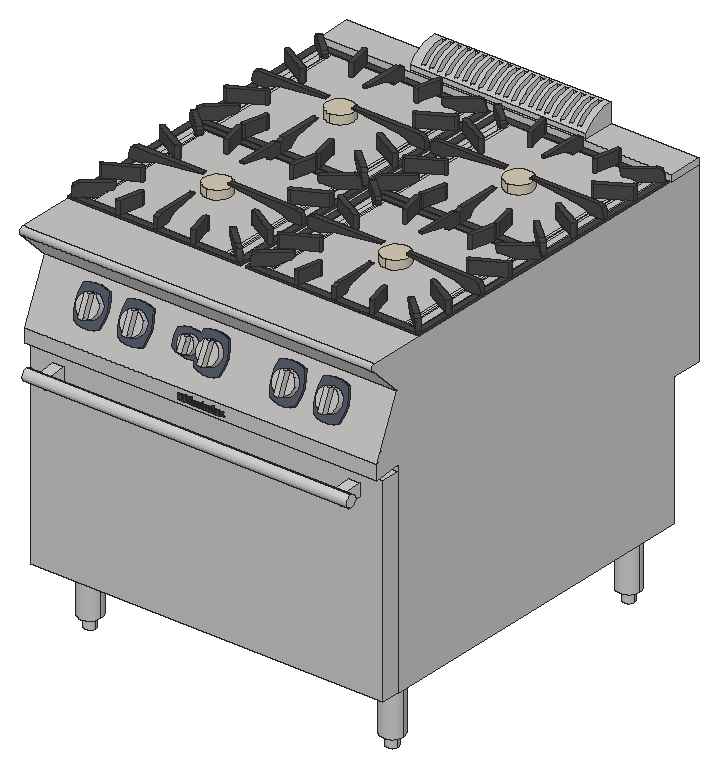
Revit family "QF_ELECTROLUXPROFESSIONAL_391522_E9AALABBMEE", category Attrezzature speciali, Revit 2018 (continued)
Automatic sketch dimensions
  Extrusion 12 sketch curve to Extrusion 12 sketch curve = 3.062 mm
  Extrusion 12 sketch curve to Extrusion 12 sketch curve = 2.968 mm
  Extrusion 12 sketch curve to Extrusion 12 sketch curve = 5.044 mm
  Extrusion 12 sketch curve to Extrusion 12 sketch curve = 0.629 mm  (x2)
  Extrusion 12 sketch curve to Extrusion 12 sketch curve = 1.131 mm
  Extrusion 12 sketch curve to Extrusion 12 sketch curve = 0.137 mm
  Extrusion 12 sketch curve to Extrusion 12 sketch curve = 0.027 mm
  Extrusion 12 sketch curve to Extrusion 12 sketch curve = 2.235 mm
  Extrusion 13 sketch curve to Extrusion 1 = 0 mm
  Extrusion 1 to Extrusion 13 sketch curve = 9.61 mm
  Extrusion 13 sketch curve to Extrusion 1 = 0.775 mm
  Extrusion 1 to Extrusion 13 sketch curve = 0.1 mm
  Extrusion 15 sketch curve to plane 12 = 13.597 mm
  Extrusion 15 sketch curve to plane 13 = 298.908 mm
  plane 5 "FRONT" to Extrusion 15 sketch curve = 18.336 mm
  Extrusion 15 sketch curve to Extrusion 15 sketch curve = 3.343 mm
  Extrusion 15 sketch curve to Extrusion 15 sketch curve = 2.066 mm
  Extrusion 15 sketch curve to Extrusion 15 sketch curve = 0 mm  (x2)
  Extrusion 15 sketch curve to Extrusion 15 sketch curve = 1.593 mm
  Extrusion 15 sketch curve to Extrusion 15 sketch curve = 5.756 mm
  Extrusion 15 sketch curve to Extrusion 15 sketch curve = 4.906 mm
  Extrusion 15 sketch curve to Extrusion 15 sketch curve = 5.312 mm
  plane 5 "FRONT" to Extrusion 15 sketch curve = 9.206 mm
  Extrusion 15 sketch curve to Extrusion 15 sketch curve = 11.3 mm
  Extrusion 15 sketch curve to Extrusion 15 sketch curve = 28.009 mm
  Extrusion 15 sketch curve to Extrusion 15 sketch curve = 2.83 mm
  Extrusion 16 sketch curve to plane 12 = 13.597 mm
  Extrusion 16 sketch curve to plane 13 = 298.908 mm
  plane 5 "FRONT" to Extrusion 16 sketch curve = 18.336 mm
  Extrusion 16 sketch curve to Extrusion 16 sketch curve = 3.343 mm
  Extrusion 16 sketch curve to Extrusion 16 sketch curve = 2.066 mm
  Extrusion 16 sketch curve to Extrusion 16 sketch curve = 0 mm  (x2)
  Extrusion 16 sketch curve to Extrusion 16 sketch curve = 1.593 mm
  Extrusion 16 sketch curve to Extrusion 16 sketch curve = 5.756 mm
  Extrusion 16 sketch curve to Extrusion 16 sketch curve = 4.906 mm
  Extrusion 16 sketch curve to Extrusion 16 sketch curve = 5.312 mm
  plane 5 "FRONT" to Extrusion 16 sketch curve = 9.206 mm
  Extrusion 16 sketch curve to Extrusion 16 sketch curve = 11.3 mm
  Extrusion 16 sketch curve to Extrusion 16 sketch curve = 28.009 mm
  Extrusion 16 sketch curve to Extrusion 16 sketch curve = 11.2 mm
  Extrusion 17 sketch curve to Extrusion 13 = 0 mm
  Extrusion 17 sketch curve to Extrusion 13 = 0.003 mm
  Extrusion 13 to Extrusion 17 sketch curve = 0 mm
  plane 5 "FRONT" to Extrusion 19 sketch curve = 0 mm  (x2)
  plane 1 "BACK" to Extrusion 19 sketch curve = 0 mm
  Extrusion 19 sketch curve to plane 3 "LEFT" = 0 mm
  Extrusion 19 sketch curve to plane 4 "RIGHT" = 0 mm
  Extrusion 19 sketch curve to plane 3 "LEFT" = 100.013 mm
  Extrusion 19 sketch curve to Extrusion 19 sketch curve = 100.013 mm
  Extrusion 19 sketch curve to plane 1 "BACK" = 100.013 mm
  plane 4 "RIGHT" to Revolve 3 sketch curve = 56 mm
  Revolve 3 sketch curve to Revolve 3 sketch curve = 0 mm
  plane 4 "RIGHT" to Revolve 4 sketch curve = 56 mm
  Revolve 4 sketch curve to Revolve 4 sketch curve = 0 mm
  Extrusion 9 sketch curve to Extrusion 9 sketch curve = 15.898 mm
  plane 5 "FRONT" to curve 1 = 0 mm
  curve 9 to plane 3 "LEFT" = 0 mm
  plane 5 "FRONT" to curve 20 = 0 mm
  curve 5 to plane 4 "RIGHT" = 0 mm
  curve 1 to plane 3 "LEFT" = 100.013 mm
  plane 5 "FRONT" to curve 13 = 7.706 mm
  plane 14 to curve 13 = 25.075 mm
  plane 14 to curve 20 = 5.2 mm
  curve 22 to plane 14 = 20.2 mm
  curve 17 to plane 18 = 20.2 mm
  plane 18 to curve 23 = 5.2 mm
  plane 5 "FRONT" to curve 15 = 7.706 mm
  curve 15 to curve 15 = 19.875 mm
  plane 4 "RIGHT" to curve 10 = 0.1 mm
  curve 2 to plane 4 "RIGHT" = 100.013 mm
  curve 17 to curve 17 = 23.508 mm
  curve 20 to curve 19 = 15.802 mm
  curve 12 to curve 20 = 9.598 mm
  curve 9 to curve 12 = 387.524 mm
  curve 18 to curve 17 = 7.706 mm
  plane 5 "FRONT" to curve 10 = 0.63 mm
  curve 3 to plane 5 "FRONT" = 0.396 mm
  plane 11 to curve 7 = 4.762 mm
  curve 2 to plane 1 "BACK" = 100.013 mm
  plane 1 "BACK" to curve 24 = 0 mm
  curve 24 to plane 14 = 144 mm
  plane 1 "BACK" to curve 105 = 6.761 mm
  curve 24 to curve 105 = 20.698 mm
  curve 104 to curve 103 = 9.296 mm
  curve 103 to curve 102 = 9.397 mm
  curve 100 to curve 99 = 9.296 mm
  curve 99 to curve 97 = 9.397 mm
  curve 97 to curve 98 = 9.296 mm
  curve 95 to curve 93 = 9.397 mm
  curve 93 to curve 94 = 9.296 mm
  curve 91 to curve 90 = 9.397 mm
  curve 89 to curve 87 = 9.296 mm
  curve 87 to curve 85 = 9.397 mm
  curve 85 to curve 86 = 9.296 mm
  curve 83 to curve 82 = 9.397 mm
  curve 81 to curve 82 = 9.296 mm
  curve 79 to curve 76 = 9.397 mm
  curve 77 to curve 78 = 9.296 mm
  curve 75 to curve 72 = 9.397 mm
  curve 73 to curve 74 = 9.296 mm
  curve 71 to curve 68 = 9.397 mm
  curve 67 to plane 7 "Center Y" = 1.823 mm
  plane 7 "Center Y" to curve 65 = 7.574 mm
  curve 65 to curve 66 = 9.296 mm
  curve 63 to curve 61 = 9.397 mm
  curve 61 to curve 59 = 9.296 mm
  curve 59 to curve 57 = 9.397 mm
  curve 57 to curve 55 = 9.296 mm
  curve 55 to curve 53 = 9.397 mm
  curve 53 to curve 51 = 9.296 mm
  curve 51 to curve 48 = 9.397 mm
  curve 49 to curve 47 = 9.296 mm
  curve 47 to curve 45 = 9.397 mm
  curve 45 to curve 46 = 9.296 mm
  curve 43 to curve 41 = 9.397 mm
  curve 41 to curve 42 = 9.296 mm
  curve 39 to curve 37 = 9.397 mm
  curve 37 to curve 38 = 9.296 mm
  curve 35 to curve 32 = 9.397 mm
  curve 33 to curve 31 = 9.296 mm
  curve 31 to curve 28 = 9.397 mm
  curve 29 to curve 27 = 9.296 mm
  curve 27 to curve 26 = 14.847 mm
  plane 11 to curve 26 = 11.113 mm
  plane 11 to curve 104 = 17.052 mm
  plane 11 to curve 100 = 17.052 mm
  curve 100 to curve 96 = 0 mm
  curve 25 to curve 27 = 5.939 mm
  curve 95 to curve 93 = 0 mm
  curve 31 to curve 28 = 0 mm
  curve 91 to curve 89 = 0 mm
  curve 35 to curve 32 = 0 mm
  curve 87 to curve 85 = 0 mm
  curve 39 to curve 36 = 0 mm
  curve 83 to curve 81 = 0 mm
  curve 43 to curve 40 = 0 mm
  curve 79 to curve 77 = 0 mm
  curve 47 to curve 44 = 0 mm
  curve 75 to curve 73 = 0 mm
  curve 51 to curve 48 = 0 mm
  curve 71 to curve 69 = 0 mm
  curve 55 to curve 52 = 0 mm
  curve 67 to curve 65 = 0 mm
  curve 59 to curve 56 = 0 mm
  plane 1 "BACK" to curve 62 = 6.761 mm
  plane 1 "BACK" to curve 63 = 6.761 mm
  plane 1 "BACK" to curve 58 = 6.761 mm
  plane 1 "BACK" to curve 67 = 6.761 mm
  plane 1 "BACK" to curve 54 = 6.761 mm
  plane 1 "BACK" to curve 50 = 6.761 mm
  plane 1 "BACK" to curve 73 = 6.761 mm
  plane 1 "BACK" to curve 46 = 6.761 mm
  plane 1 "BACK" to curve 77 = 6.761 mm
  plane 1 "BACK" to curve 42 = 6.761 mm
  plane 1 "BACK" to curve 81 = 6.761 mm
  plane 1 "BACK" to curve 83 = 6.761 mm
  plane 1 "BACK" to curve 38 = 6.761 mm
  plane 1 "BACK" to curve 34 = 6.761 mm
  plane 1 "BACK" to curve 89 = 6.761 mm
  plane 1 "BACK" to curve 91 = 6.761 mm
  plane 1 "BACK" to curve 30 = 6.761 mm
  plane 1 "BACK" to curve 95 = 6.761 mm
  plane 1 "BACK" to curve 101 = 6.761 mm
  radius of Extrusion 10 sketch curve = 25.4 mm  (x5)
  radius of Extrusion 10 sketch curve = 19.05 mm
  radius of Extrusion 11 sketch curve to Extrusion 10 = 0 mm  (x6)
  radius of Extrusion 14 sketch curve to Extrusion 16 = 0 mm
  radius of Extrusion 18 sketch curve = 6.4 mm  (x2)
Nested families
  nested 1: "371009_BURNER" at (393.7, -440.488, 0) x (-1, 0, 0) z (0, 0, 1), type "371009_BURNER"
    with Type Mark "", Status "", Specification by User "", Revision Code "", Item Number "", Installed By "", Identify Quantity as Lot yes, Furnished By "", Foodservice Equipment Identifier yes
  nested 2: "371009_BURNER" at (393.7, -440.488, 0) x (-1, 0, 0) z (0, 0, 1), type "371009_BURNER"
    with Type Mark "", Status "", Specification by User "", Revision Code "", Item Number "", Installed By "", Identify Quantity as Lot yes, Furnished By "", Foodservice Equipment Identifier yes
  nested 3: "371009_BURNER" at (406.4, -440.488, 0), type "371009_BURNER"
    with Type Mark "", Status "", Specification by User "", Revision Code "", Item Number "", Installed By "", Identify Quantity as Lot yes, Furnished By "", Foodservice Equipment Identifier yes
  nested 4: "371009_BURNER" at (406.4, -440.488, 0), type "371009_BURNER"
    with Type Mark "", Status "", Specification by User "", Revision Code "", Item Number "", Installed By "", Identify Quantity as Lot yes, Furnished By "", Foodservice Equipment Identifier yes
Connectors
  piping at (749.3, -665.163, 128.587), diameter 12.8
    settings: on Extrusion 18, index 1, connector inside diameter 0.50394", connector length 0 mm, flow factor 0, pipe flow 0 GPM, pressure drop 0.00 psi, fitting loss kfactor 0, connector angle 0.00°, fixture units 0, engagement length 0 mm, angle of deflection 0.00°, flow configuration 1, flow direction 1, fitting loss method 0, system type 7, joint type 0, gender type 0, connector reference index -1, connector utility 0, adjustable connector no, is connector primary yes, connector description "GAS CONNECTION"
Definition of nested family "371009_BURNER"
  Parameters
    Weight in Pounds = 0
    URL Cutsheet = ""
    URL = "www.electrolux.com"
    Type Mark [instance] = ""
    Status [instance] = ""
    Specification by User [instance] = ""
    Specification by Manufacturer = ""
    Show Clearance [instance] = yes
    Serial Number = ""
    Seismic Rating = ""
    SMACNA No = ""
    Revision Code [instance] = ""
    Omniclass Number and Title = ""
    NAFEM Spec ID Number = ""
    Model = "371009"
    Masterspec = ""
    Manufacturer = "ELECTROLUX"
    Item Number [instance] = ""
    Installed By [instance] = ""
    Identify Quantity as Lot [instance] = yes
    Furnished By [instance] = ""
    Foodservice Equipment Identifier [instance] = yes
    Description = ""
    CSI MasterFormat = ""
    CSI Master Format = ""
  Reference planes
    plane 1 "BACK": y = 0
    plane 2: z = 0
    plane 3 "LEFT": x = 0
    plane 4 "RIGHT": x = 393.7
    plane 5 "FRONT": y = -355.6
    plane 6 "TOP": z = 908.85
    plane 7 "Center Y": x = 196.85
    plane 8 "Center X": y = -177.8
    plane 9 "Base": z = 150
    plane 10: z = 850.85
  Forms (mm)
    Extrusion 1, solid
      sketch origin (-6.433, -404.961, 5) x (1, 0, 0) y (0, 0, -1)
        loop
          arc (7.142, -850.85) -> (6.739, -862.989) -> (9.761, -874.752) r 42.809
          line (9.761, -874.752) -> (19.961, -879.425) -> (173.122, -879.425)
          arc (173.122, -879.425) -> (174.316, -878.312) -> (173.289, -877.043) r 1.197
          line (173.289, -877.043) -> (64.848, -864.021)
          arc (64.848, -864.021) -> (50.111, -858.738) -> (36.589, -850.85) r 85.245
          line (36.589, -850.85) -> (7.142, -850.85)
        loop
          line (399.424, -850.85) -> (369.977, -850.85)
          arc (369.977, -850.85) -> (356.455, -858.738) -> (341.718, -864.021) r 85.245
          line (341.718, -864.021) -> (233.277, -877.043)
          arc (233.277, -877.043) -> (232.25, -878.312) -> (233.444, -879.425) r 1.197
          line (233.444, -879.425) -> (386.605, -879.425) -> (396.806, -874.752)
          arc (396.806, -874.752) -> (399.827, -862.989) -> (399.424, -850.85) r 42.809
      from 224.564 to 234.564
    Extrusion 2, solid
      sketch origin (196.85, 175.397, 1219.2) x (0, 1, 0) y (0, 0, 1)
        loop
          line (-204.463, -363.35) -> (-175.397, -363.35) -> (-175.397, -339.506)
          arc (-175.397, -339.506) -> (-181.025, -338.266) -> (-185.611, -334.775) r 13.39
          line (-185.611, -334.775) -> (-278.903, -334.775)
          arc (-278.903, -334.775) -> (-280.097, -335.888) -> (-279.07, -337.157) r 1.197
          line (-279.07, -337.157) -> (-227.151, -347.464)
          arc (-227.151, -347.464) -> (-213.741, -352.457) -> (-204.463, -363.35) r 28.426
        loop
          arc (-496.332, -363.35) -> (-487.053, -352.457) -> (-473.644, -347.464) r 28.426
          line (-473.644, -347.464) -> (-421.725, -337.157)
          arc (-421.725, -337.157) -> (-420.697, -335.888) -> (-421.891, -334.775) r 1.197
          line (-421.891, -334.775) -> (-515.184, -334.775)
          arc (-515.184, -334.775) -> (-519.769, -338.266) -> (-525.397, -339.506) r 13.39
          line (-525.397, -339.506) -> (-525.397, -363.35) -> (-496.332, -363.35)
      from -5 to 5
    Extrusion 3, solid
      sketch origin (-6.433, 367.064, 850.85) x (0, -1, 0) y (1, 0, 0)
        loop
          line (722.664, 6.433) -> (722.664, 400.133) -> (367.064, 400.133) -> (367.064, 6.433) -> (722.664, 6.433)
        loop
          line (382.064, 21.433) -> (707.664, 21.433) -> (707.664, 385.133) -> (382.064, 385.133) -> (382.064, 21.433)
      from 0 to 5
    Extrusion 4, solid
      sketch origin (-18.933, 367.064, 855.85) x (0, -1, 0) y (1, 0, 0)
        loop
          circle (541.667, 215.783) r 30
      from -1.321 to 17.134
    Extrusion 5, solid
      sketch origin (-6.433, -367.064, 0) x (1, 0, 0) y (0, 0, -1)
        loop
          line (21.433, -855.85) -> (36.589, -855.85)
          arc (36.589, -855.85) -> (40.561, -855.243) -> (44.305, -853.783) r 18.259
          arc (44.305, -853.783) -> (45.997, -853.366) -> (47.69, -853.783) r 3.649
          arc (47.69, -853.783) -> (49.901, -854.522) -> (52.232, -854.529) r 7.328
          line (52.232, -854.529) -> (354.334, -854.529)
          arc (354.334, -854.529) -> (356.666, -854.522) -> (358.877, -853.783) r 7.328
          arc (358.877, -853.783) -> (360.569, -853.366) -> (362.261, -853.783) r 3.649
          arc (362.261, -853.783) -> (366.005, -855.243) -> (369.977, -855.85) r 18.259
          line (369.977, -855.85) -> (385.133, -855.85) -> (385.133, -850.85) -> (21.433, -850.85) -> (21.433, -855.85)
      from 26.464 to 352.064
    Extrusion 6, solid
      sketch origin (83.284, -458.334, 5) x (0.742103, 0.670286, 0) y (0, 0, -1)
        loop
          arc (88.629, -864.012) -> (73.909, -858.731) -> (60.402, -850.85) r 85.245
          line (60.402, -850.85) -> (14.993, -850.85)
          arc (14.993, -850.85) -> (14.642, -862.948) -> (17.686, -874.663) r 42.876
          line (17.686, -874.663) -> (27.899, -879.425) -> (89.664, -879.425)
          arc (89.664, -879.425) -> (92.39, -878.352) -> (93.654, -875.709) r 4
          arc (93.654, -875.709) -> (92.562, -869.25) -> (88.629, -864.012) r 13.87
        loop
          arc (457.638, -864.012) -> (453.704, -869.25) -> (452.613, -875.709) r 13.87
          arc (452.613, -875.709) -> (453.876, -878.352) -> (456.603, -879.425) r 4
          line (456.603, -879.425) -> (518.367, -879.425) -> (528.581, -874.663)
          arc (528.581, -874.663) -> (531.624, -862.948) -> (531.273, -850.85) r 42.876
          line (531.273, -850.85) -> (485.865, -850.85)
          arc (485.865, -850.85) -> (472.357, -858.731) -> (457.638, -864.012) r 85.245
      from 127.064 to 137.064
    Extrusion 7, solid
      sketch origin (310.416, -458.334, 5) x (-0.742103, 0.670286, 0) y (0, 0, 1)
        loop
          arc (88.629, 864.012) -> (92.562, 869.25) -> (93.654, 875.709) r 13.87
          arc (93.654, 875.709) -> (92.39, 878.352) -> (89.664, 879.425) r 4
          line (89.664, 879.425) -> (27.899, 879.425) -> (17.686, 874.663)
          arc (17.686, 874.663) -> (14.642, 862.948) -> (14.993, 850.85) r 42.876
          line (14.993, 850.85) -> (60.402, 850.85)
          arc (60.402, 850.85) -> (73.909, 858.731) -> (88.629, 864.012) r 85.245
        loop
          arc (457.638, 864.012) -> (472.357, 858.731) -> (485.865, 850.85) r 85.245
          line (485.865, 850.85) -> (531.273, 850.85)
          arc (531.273, 850.85) -> (531.624, 862.948) -> (528.581, 874.663) r 42.876
          line (528.581, 874.663) -> (518.367, 879.425) -> (456.603, 879.425)
          arc (456.603, 879.425) -> (453.876, 878.352) -> (452.613, 875.709) r 4
          arc (452.613, 875.709) -> (453.704, 869.25) -> (457.638, 864.012) r 13.87
      from 127.064 to 137.064
    Extrusion 8, solid
      sketch origin (-6.433, 367.064, 855.85) x (0, -1, 0) y (1, 0, 0)
        loop
          arc (626.166, 9.428) -> (632.956, 7.454) -> (634.93, 14.244) r 5
          line (634.93, 14.244) -> (600.514, 76.878)
          arc (600.514, 76.878) -> (593.724, 78.852) -> (591.75, 72.062) r 5
          line (591.75, 72.062) -> (626.166, 9.428)
        loop
          line (463.562, 9.428) -> (497.977, 72.062)
          arc (497.977, 72.062) -> (496.003, 78.852) -> (489.213, 76.878) r 5
          line (489.213, 76.878) -> (454.798, 14.244)
          arc (454.798, 14.244) -> (456.772, 7.454) -> (463.562, 9.428) r 5
        loop
          line (626.166, 397.138) -> (591.75, 334.504)
          arc (591.75, 334.504) -> (593.724, 327.714) -> (600.514, 329.689) r 5
          line (600.514, 329.689) -> (634.93, 392.323)
          arc (634.93, 392.323) -> (632.956, 399.113) -> (626.166, 397.138) r 5
        loop
          arc (463.562, 397.138) -> (456.772, 399.113) -> (454.798, 392.323) r 5
          line (454.798, 392.323) -> (489.213, 329.689)
          arc (489.213, 329.689) -> (496.003, 327.714) -> (497.977, 334.504) r 5
          line (497.977, 334.504) -> (463.562, 397.138)
        loop
          line (715.14, 293.499) -> (666.703, 282.317)
          arc (666.703, 282.317) -> (662.956, 276.32) -> (668.953, 272.573) r 5
          line (668.953, 272.573) -> (717.389, 283.756)
          arc (717.389, 283.756) -> (721.136, 289.752) -> (715.14, 293.499) r 5
        loop
          arc (715.14, 113.067) -> (721.136, 116.814) -> (717.389, 122.811) r 5
          line (717.389, 122.811) -> (668.953, 133.993)
          arc (668.953, 133.993) -> (662.956, 130.246) -> (666.703, 124.249) r 5
          line (666.703, 124.249) -> (715.14, 113.067)
        loop
          arc (374.588, 293.499) -> (368.591, 289.752) -> (372.338, 283.756) r 5
          line (372.338, 283.756) -> (420.775, 272.573)
          arc (420.775, 272.573) -> (426.771, 276.32) -> (423.024, 282.317) r 5
          line (423.024, 282.317) -> (374.588, 293.499)
        loop
          line (374.588, 113.067) -> (423.024, 124.249)
          arc (423.024, 124.249) -> (426.771, 130.246) -> (420.775, 133.993) r 5
          line (420.775, 133.993) -> (372.338, 122.811)
          arc (372.338, 122.811) -> (368.591, 116.814) -> (374.588, 113.067) r 5
      from 0 to 28.575
  Lines and regions (mm)
    symbolic lines
      curve 1: line (0, -355.6, 150) -> (393.7, -355.6, 150)
      curve 2: line (0, 0, 150) -> (0, -355.6, 150)
      curve 3: line (393.7, -355.6, 150) -> (393.7, 0, 150)
      curve 4: line (369.633, -15, 150) -> (285.34, -15, 150)
      curve 5: line (24.067, -340.6, 150) -> (108.36, -340.6, 150)
      curve 6: line (157.475, -170.397, 150) -> (157.475, -15, 150)
      curve 7: line (236.225, -170.397, 150) -> (236.225, -15, 150)
      curve 8: line (201.85, -350, 150) -> (201.85, -176.674, 150)
      curve 9: line (0, -180.397, 150) -> (167.224, -180.397, 150)
      curve 10: line (393.7, -170.397, 150) -> (228.275, -170.397, 150)
      curve 11: line (15, -180.397, 150) -> (15, -252.506, 150)
      curve 12: line (45.799, -340.6, 150) -> (45.799, -320.971, 150)
      curve 13: line (167.224, -170.397, 150) -> (0, -170.397, 150)
      curve 14: line (228.275, -180.504, 150) -> (393.7, -180.504, 150)
      curve 15: arc (228.275, -170.397, 150) -> (223.221, -175.45, 150) -> (228.275, -180.504, 150) r 5.054
      curve 16: arc (167.224, -170.397, 150) -> (172.224, -175.397, 150) -> (167.224, -180.397, 150) r 5
      curve 17: line (191.85, -176.674, 150) -> (191.85, -350, 150)
      curve 18: line (201.85, -134.556, 150) -> (201.85, -0.794, 150)
      curve 19: arc (201.85, -176.674, 150) -> (196.85, -171.674, 150) -> (191.85, -176.674, 150) r 5
      curve 20: arc (201.85, -134.556, 150) -> (196.85, -139.556, 150) -> (191.85, -134.556, 150) r 5
      curve 21: line (191.85, -15, 150) -> (118.623, -15, 150)
      curve 22: arc (201.85, -29.042, 150) -> (213.272, -50.008, 150) -> (201.85, -70.973, 150) r 24.953
      curve 23: arc (213.086, -53.048, 150) -> (214.5, -50.008, 150) -> (213.086, -46.967, 150) r 3.975
      curve 24: arc (191.85, -29.852, 150) -> (181.339, -50.008, 150) -> (191.85, -70.163, 150) r 24.58
      curve 25: arc (181.527, -53.042, 150) -> (179.976, -50.008, 150) -> (181.527, -46.973, 150) r 3.745
      curve 26: line (191.85, -0.794, 150) -> (191.85, -134.556, 150)
      curve 27: line (191.85, -350, 150) -> (201.85, -350, 150)
      curve 28: line (191.85, -11.007, 150) -> (201.85, -11.007, 150)
      curve 29: line (191.85, -0.794, 150) -> (201.85, -0.794, 150)
      curve 30: line (201.85, -340.6, 150) -> (275.077, -340.6, 150)
      curve 31: arc (196.85, -145.397, 0) -> (166.955, -172.888, 0) -> (191.85, -204.977, 0) r 30
      curve 32: arc (201.85, -204.977, 0) -> (226.745, -172.888, 0) -> (196.85, -145.397, 0) r 30
      curve 33: arc (158.678, -180.397, 0) -> (170.734, -200.207, 0) -> (191.85, -209.795, 0) r 39.375
      curve 34: line (163.825, -170.397, 150) -> (163.825, -15, 150)
      curve 35: line (229.875, -170.397, 150) -> (229.875, -15, 150)
      curve 36: line (144.775, -170.397, 150) -> (144.775, -15, 150)
      curve 37: line (248.925, -170.397, 150) -> (248.925, -15, 150)
      curve 38: arc (145.678, -180.397, 0) -> (161.728, -209.187, 0) -> (191.85, -222.573, 0) r 52.075
      curve 39: arc (201.85, -209.795, 0) -> (222.966, -200.207, 0) -> (235.022, -180.397, 0) r 39.375
      curve 40: arc (201.85, -222.573, 0) -> (231.931, -209.224, 0) -> (248.001, -180.504, 0) r 52.075
      curve 41: line (393.7, 0, 0) -> (0, 0, 0)
      curve 42: line (70.445, -122.149, 0) -> (7.81, -87.734, 0)
      curve 43: arc (7.81, -87.734, 0) -> (1.021, -89.708, 0) -> (2.995, -96.498, 0) r 5
      curve 44: line (2.995, -96.498, 0) -> (65.629, -130.914, 0)
      curve 45: arc (65.629, -130.914, 0) -> (72.419, -128.939, 0) -> (70.445, -122.149, 0) r 5
      curve 46: line (65.629, -224.686, 0) -> (2.995, -259.102, 0)
      curve 47: arc (2.995, -259.102, 0) -> (1.021, -265.892, 0) -> (7.81, -267.866, 0) r 5
      curve 48: line (7.81, -267.866, 0) -> (70.445, -233.451, 0)
      curve 49: arc (70.445, -233.451, 0) -> (72.419, -226.661, 0) -> (65.629, -224.686, 0) r 5
      curve 50: line (323.255, -122.149, 0) -> (385.89, -87.734, 0)
      curve 51: arc (385.89, -87.734, 0) -> (392.679, -89.708, 0) -> (390.705, -96.498, 0) r 5
      curve 52: line (390.705, -96.498, 0) -> (328.071, -130.914, 0)
      curve 53: arc (328.071, -130.914, 0) -> (321.281, -128.939, 0) -> (323.255, -122.149, 0) r 5
      curve 54: line (328.071, -224.686, 0) -> (390.705, -259.102, 0)
      curve 55: arc (390.705, -259.102, 0) -> (392.679, -265.892, 0) -> (385.89, -267.866, 0) r 5
      curve 56: line (385.89, -267.866, 0) -> (323.255, -233.451, 0)
      curve 57: arc (323.255, -233.451, 0) -> (321.281, -226.661, 0) -> (328.071, -224.686, 0) r 5
      curve 58: line (118.623, -340.6, 150) -> (191.85, -340.6, 150)
      curve 59: line (285.34, -340.6, 150) -> (369.633, -340.6, 150)
      curve 60: line (378.7, -335.314, 0) -> (378.7, -263.916, 0)
      curve 61: line (1.326, -7.935, 0) -> (58.752, -59.804, 0)
      curve 62: line (65.455, -52.383, 0) -> (8.029, -0.514, 0)
      curve 63: arc (58.752, -59.804, 0) -> (65.814, -59.445, 0) -> (65.455, -52.383, 0) r 5
      curve 64: line (1.326, -7.935, 0) -> (8.029, -0.514, 0)
      curve 65: line (392.374, -7.935, 0) -> (334.948, -59.804, 0)
      curve 66: line (328.245, -52.383, 0) -> (385.671, -0.514, 0)
      curve 67: arc (334.948, -59.804, 0) -> (327.886, -59.445, 0) -> (328.245, -52.383, 0) r 5
      curve 68: line (392.374, -7.935, 0) -> (385.671, -0.514, 0)
      curve 69: line (392.374, -347.665, 0) -> (334.948, -295.796, 0)
      curve 70: line (328.245, -303.217, 0) -> (385.671, -355.086, 0)
      curve 71: arc (334.948, -295.796, 0) -> (327.886, -296.155, 0) -> (328.245, -303.217, 0) r 5
      curve 72: line (392.374, -347.665, 0) -> (385.671, -355.086, 0)
      curve 73: line (1.326, -347.665, 0) -> (58.752, -295.796, 0)
      curve 74: line (65.455, -303.217, 0) -> (8.029, -355.086, 0)
      curve 75: arc (58.752, -295.796, 0) -> (65.814, -296.155, 0) -> (65.455, -303.217, 0) r 5
      curve 76: line (1.326, -347.665, 0) -> (8.029, -355.086, 0)
      curve 77: line (347.901, -15, 0) -> (347.901, -34.629, 0)
      curve 78: line (347.901, -320.971, 0) -> (347.901, -340.6, 0)
      curve 79: line (378.7, -252.506, 0) -> (378.7, -180.397, 0)
      curve 80: line (347.901, -246.993, 0) -> (347.901, -307.496, 0)
      curve 81: line (378.7, -170.397, 0) -> (378.7, -103.094, 0)
      curve 82: line (347.901, -180.397, 0) -> (347.901, -235.582, 0)
      curve 83: line (378.7, -91.684, 0) -> (378.7, -20.286, 0)
      curve 84: line (347.901, -120.018, 0) -> (347.901, -170.397, 0)
      curve 85: line (347.901, -48.104, 0) -> (347.901, -108.607, 0)
      curve 86: line (275.077, -15, 150) -> (201.85, -15, 150)
      curve 87: line (108.36, -15, 150) -> (24.067, -15, 150)
      curve 88: line (45.799, -40, 150) -> (45.799, -15, 150)
      curve 89: line (45.799, -108.607, 150) -> (45.799, -40, 150)
      curve 90: line (15, -20.286, 0) -> (15, -91.684, 0)
      curve 91: line (15, -103.094, 0) -> (15, -170.397, 0)
      curve 92: line (45.799, -170.397, 150) -> (45.799, -120.018, 150)
      curve 93: line (45.799, -235.582, 150) -> (45.799, -180.397, 150)
      curve 94: line (15, -263.916, 150) -> (15, -335.314, 150)
      curve 95: line (45.799, -307.496, 150) -> (45.799, -246.993, 150)
      curve 96: line (116.378, -350.325, 0) -> (127.56, -301.889, 0)
      curve 97: arc (127.56, -301.889, 0) -> (123.813, -295.892, 0) -> (117.816, -299.64, 0) r 5
      curve 98: line (117.816, -299.64, 0) -> (106.634, -348.076, 0)
      curve 99: arc (106.634, -348.076, 0) -> (110.381, -354.072, 0) -> (116.378, -350.325, 0) r 5
      curve 100: line (266.14, -301.889, 0) -> (277.322, -350.325, 0)
      curve 101: arc (277.322, -350.325, 0) -> (283.319, -354.072, 0) -> (287.066, -348.076, 0) r 5
      curve 102: line (287.066, -348.076, 0) -> (275.884, -299.64, 0)
      curve 103: arc (275.884, -299.64, 0) -> (269.887, -295.892, 0) -> (266.14, -301.889, 0) r 5
      curve 104: line (275.884, -55.96, 0) -> (287.066, -7.524, 0)
      curve 105: arc (287.066, -7.524, 0) -> (283.319, -1.528, 0) -> (277.322, -5.275, 0) r 5
      curve 106: line (277.322, -5.275, 0) -> (266.14, -53.711, 0)
      curve 107: arc (266.14, -53.711, 0) -> (269.887, -59.708, 0) -> (275.884, -55.96, 0) r 5
      curve 108: line (127.56, -53.711, 0) -> (116.378, -5.275, 0)
      curve 109: arc (116.378, -5.275, 0) -> (110.381, -1.528, 0) -> (106.634, -7.524, 0) r 5
      curve 110: line (106.634, -7.524, 0) -> (117.816, -55.96, 0)
      curve 111: arc (117.816, -55.96, 0) -> (123.813, -59.708, 0) -> (127.56, -53.711, 0) r 5
  Dimensions and locks
    equal spacing: plane 3 "LEFT", plane 7 "Center Y", plane 4 "RIGHT"
    plane 3 "LEFT" to plane 4 "RIGHT" = 393.7 mm
    equal spacing: plane 5 "FRONT", plane 8 "Center X", plane 1 "BACK"
    plane 5 "FRONT" to plane 1 "BACK" = 355.6 mm
    plane 6 "TOP" to level = 908.85 mm
    plane 9 "Base" to level = 150 mm
    plane 6 "TOP" to plane 10 = 58 mm  (x2)
    locked: Extrusion 4 sketch curve to plane 7 "Center Y" at 0
    aligned and locked: level to plane 2
  Automatic sketch dimensions
    curve 10 to plane 4 "RIGHT" = 0 mm
    curve 20 to plane 7 "Center Y" = 0 mm
    curve 19 to plane 7 "Center Y" = 0 mm
    curve 9 to plane 3 "LEFT" = 0 mm
    plane 1 "BACK" to curve 2 = 0 mm
    plane 1 "BACK" to curve 3 = 0 mm
    plane 5 "FRONT" to curve 2 = 0 mm
    curve 4 to plane 4 "RIGHT" = 24.067 mm
    curve 59 to plane 4 "RIGHT" = 24.067 mm
    plane 1 "BACK" to curve 37 = 15 mm
    plane 7 "Center Y" to curve 37 = 52.075 mm
    curve 37 to curve 7 = 12.7 mm
    curve 7 to curve 35 = 6.35 mm
    plane 8 "Center X" to curve 15 = 2.35 mm
    curve 35 to curve 15 = 1.6 mm
    plane 7 "Center Y" to curve 23 = 16.236 mm
    curve 23 to curve 23 = 0 mm
    curve 23 to curve 23 = 2.56 mm
    curve 23 to curve 24 = 4.607 mm
    plane 7 "Center Y" to curve 86 = 5 mm
    plane 7 "Center Y" to curve 27 = 5 mm
    curve 22 to plane 7 "Center Y" = 8.531 mm
    curve 22 to curve 25 = 4.597 mm
    curve 25 to curve 25 = 2.194 mm  (x2)
    curve 9 to plane 8 "Center X" = 2.597 mm
    curve 17 to curve 9 = 24.626 mm
    curve 21 to curve 34 = 28.025 mm
    curve 34 to curve 6 = 6.35 mm
    plane 8 "Center X" to curve 36 = 7.403 mm
    curve 6 to curve 36 = 12.7 mm
    plane 3 "LEFT" to curve 12 = 45.799 mm
    plane 3 "LEFT" to curve 87 = 24.067 mm
    plane 3 "LEFT" to curve 5 = 24.067 mm
    plane 1 "BACK" to curve 26 = 0.794 mm
    curve 28 to curve 86 = 3.993 mm
    curve 28 to curve 21 = 3.993 mm
    curve 86 to curve 22 = 14.042 mm
    curve 22 to curve 24 = 0.81 mm
    curve 22 to curve 23 = 17.925 mm
    curve 25 to curve 22 = 3.035 mm
    plane 8 "Center X" to curve 26 = 43.244 mm
    curve 15 to curve 15 = 5.054 mm
    plane 8 "Center X" to curve 17 = 1.126 mm
    curve 94 to curve 12 = 5.286 mm
    curve 58 to plane 5 "FRONT" = 15 mm
    curve 59 to plane 5 "FRONT" = 15 mm
    curve 8 to plane 5 "FRONT" = 5.6 mm
    plane 3 "LEFT" to Extrusion 1 sketch curve = 0.709 mm
    plane 3 "LEFT" to Extrusion 1 sketch curve = 3.327 mm
    Extrusion 1 sketch curve to Extrusion 1 sketch curve = 10.201 mm
    plane 10 to Extrusion 1 sketch curve = 5 mm  (x2)
    Extrusion 1 sketch curve to Extrusion 1 sketch curve = 29.447 mm
    Extrusion 1 sketch curve to Extrusion 1 sketch curve = 12.704 mm  (x2)
    Extrusion 1 sketch curve to Extrusion 1 sketch curve = 15.555 mm  (x2)
    plane 3 "LEFT" to Extrusion 1 sketch curve = 79.689 mm
    Extrusion 1 sketch curve to plane 7 "Center Y" = 30.161 mm
    Extrusion 1 sketch curve to Extrusion 1 sketch curve = 0.167 mm  (x2)
    plane 7 "Center Y" to Extrusion 1 sketch curve = 29.994 mm
    Extrusion 1 sketch curve to plane 4 "RIGHT" = 79.689 mm
    plane 10 to Extrusion 1 sketch curve = 18.171 mm
    Extrusion 1 sketch curve to plane 4 "RIGHT" = 58.415 mm
    Extrusion 1 sketch curve to plane 4 "RIGHT" = 13.528 mm
    Extrusion 1 sketch curve to plane 4 "RIGHT" = 3.327 mm
    Extrusion 1 sketch curve to plane 4 "RIGHT" = 0.709 mm
    Extrusion 1 sketch curve to Extrusion 1 sketch curve = 23.902 mm  (x2)
    Extrusion 1 sketch curve to plane 6 "TOP" = 26.807 mm  (x2)
    Extrusion 1 sketch curve to Extrusion 1 sketch curve = 1.185 mm  (x2)
    Extrusion 1 sketch curve to Extrusion 1 sketch curve = 5.694 mm
    Extrusion 2 sketch curve to plane 1 "BACK" = 0 mm
    plane 1 "BACK" to Extrusion 2 sketch curve = 10.213 mm
    plane 10 to Extrusion 2 sketch curve = 5 mm  (x2)
    plane 1 "BACK" to Extrusion 2 sketch curve = 29.066 mm
    plane 10 to Extrusion 2 sketch curve = 20.886 mm
    Extrusion 2 sketch curve to Extrusion 2 sketch curve = 22.688 mm  (x2)
    Extrusion 2 sketch curve to plane 10 = 7.392 mm  (x2)
    Extrusion 2 sketch curve to plane 6 "TOP" = 24.425 mm
    Extrusion 2 sketch curve to Extrusion 2 sketch curve = 51.752 mm
    Extrusion 2 sketch curve to plane 6 "TOP" = 26.807 mm  (x2)
    Extrusion 2 sketch curve to Extrusion 2 sketch curve = 0.167 mm  (x2)
    Extrusion 2 sketch curve to plane 8 "Center X" = 68.528 mm
    Extrusion 2 sketch curve to plane 5 "FRONT" = 60.248 mm
    Extrusion 2 sketch curve to Extrusion 2 sketch curve = 2.895 mm
    Extrusion 2 sketch curve to plane 5 "FRONT" = 15.813 mm
    Extrusion 2 sketch curve to plane 5 "FRONT" = 5.6 mm
    Extrusion 2 sketch curve to Extrusion 2 sketch curve = 4.731 mm
    Extrusion 2 sketch curve to Extrusion 2 sketch curve = 23.844 mm
    Extrusion 2 sketch curve to Extrusion 2 sketch curve = 1.185 mm
    plane 1 "BACK" to Extrusion 3 sketch curve = 0 mm
    Extrusion 3 sketch curve to plane 3 "LEFT" = 0 mm
    plane 5 "FRONT" to Extrusion 3 sketch curve = 0 mm
    Extrusion 3 sketch curve to plane 4 "RIGHT" = 0 mm
    plane 1 "BACK" to Extrusion 3 sketch curve = 15 mm
    Extrusion 3 sketch curve to plane 5 "FRONT" = 15 mm
    plane 3 "LEFT" to Extrusion 3 sketch curve = 15 mm
    Extrusion 3 sketch curve to plane 4 "RIGHT" = 15 mm
    Extrusion 3 to Extrusion 4 sketch curve = 159.603 mm
    Extrusion 5 sketch curve to plane 10 = 0 mm
    plane 3 "LEFT" to Extrusion 5 sketch curve = 15 mm
    Extrusion 5 sketch curve to Extrusion 5 sketch curve = 14.402 mm
    plane 10 to Extrusion 5 sketch curve = 5 mm
    Extrusion 5 sketch curve to Extrusion 5 sketch curve = 15.156 mm
    plane 10 to Extrusion 5 sketch curve = 2.933 mm  (x3)
    Extrusion 5 sketch curve to Extrusion 5 sketch curve = 7.716 mm  (x2)
    Extrusion 5 sketch curve to Extrusion 5 sketch curve = 0 mm  (x3)
    Extrusion 5 sketch curve to Extrusion 5 sketch curve = 1.692 mm  (x2)
    Extrusion 5 sketch curve to Extrusion 5 sketch curve = 3.385 mm  (x2)
    Extrusion 5 sketch curve to plane 10 = 3.559 mm  (x2)
    plane 10 to Extrusion 5 sketch curve = 3.679 mm
    Extrusion 5 sketch curve to plane 4 "RIGHT" = 45.799 mm
    Extrusion 5 sketch curve to Extrusion 5 sketch curve = 1.143 mm
    Extrusion 5 sketch curve to plane 10 = 13.244 mm
    Extrusion 5 sketch curve to plane 4 "RIGHT" = 15 mm
    plane 10 to Extrusion 6 sketch curve = 5 mm  (x2)
    Extrusion 6 sketch curve to Extrusion 6 sketch curve = 2.692 mm  (x2)
    Extrusion 6 sketch curve to Extrusion 6 sketch curve = 10.213 mm  (x2)
    plane 10 to Extrusion 6 sketch curve = 12.281 mm
    Extrusion 6 sketch curve to Extrusion 6 sketch curve = 29.348 mm  (x2)
    Extrusion 6 sketch curve to Extrusion 6 sketch curve = 3.155 mm  (x2)
    Extrusion 6 sketch curve to Extrusion 6 sketch curve = 22.572 mm
    Extrusion 6 sketch curve to Extrusion 6 sketch curve = 8.81 mm
    Extrusion 6 sketch curve to Extrusion 6 sketch curve = 9.845 mm  (x2)
    Extrusion 6 sketch curve to Extrusion 6 sketch curve = 3.99 mm  (x2)
    Extrusion 6 sketch curve to Extrusion 6 sketch curve = 0 mm  (x2)
    Extrusion 6 sketch curve to Extrusion 6 sketch curve = 49.533 mm
    Extrusion 6 sketch curve to plane 10 = 64.377 mm
    Extrusion 6 sketch curve to Extrusion 6 sketch curve = 326.397 mm
    Extrusion 6 sketch curve to plane 6 "TOP" = 28.141 mm
    Extrusion 6 sketch curve to Extrusion 6 sketch curve = 16.281 mm
    Extrusion 6 sketch curve to Extrusion 6 sketch curve = 1.035 mm
    Extrusion 6 sketch curve to Extrusion 6 sketch curve = 19.417 mm
    Extrusion 6 sketch curve to Extrusion 6 sketch curve = 4.763 mm  (x2)
    Extrusion 6 sketch curve to Extrusion 6 sketch curve = 3.716 mm
    plane 10 to Extrusion 7 sketch curve = 5 mm  (x2)
    Extrusion 7 sketch curve to Extrusion 7 sketch curve = 2.692 mm  (x2)
    Extrusion 7 sketch curve to Extrusion 7 sketch curve = 10.213 mm  (x2)
    plane 10 to Extrusion 7 sketch curve = 12.281 mm
    Extrusion 7 sketch curve to Extrusion 7 sketch curve = 29.348 mm  (x2)
    Extrusion 7 sketch curve to Extrusion 7 sketch curve = 3.155 mm  (x2)
    Extrusion 7 sketch curve to Extrusion 7 sketch curve = 22.572 mm
    Extrusion 7 sketch curve to Extrusion 7 sketch curve = 8.81 mm
    Extrusion 7 sketch curve to Extrusion 7 sketch curve = 9.845 mm  (x2)
    Extrusion 7 sketch curve to Extrusion 7 sketch curve = 3.99 mm  (x2)
    Extrusion 7 sketch curve to Extrusion 7 sketch curve = 0 mm  (x2)
    Extrusion 7 sketch curve to Extrusion 7 sketch curve = 21.306 mm
    Extrusion 7 sketch curve to plane 10 = 64.377 mm  (x2)
    Extrusion 7 sketch curve to Extrusion 7 sketch curve = 326.397 mm
    Extrusion 7 sketch curve to plane 6 "TOP" = 28.141 mm
    Extrusion 7 sketch curve to Extrusion 7 sketch curve = 16.281 mm
    Extrusion 7 sketch curve to Extrusion 7 sketch curve = 1.035 mm
    Extrusion 7 sketch curve to Extrusion 7 sketch curve = 19.417 mm
    Extrusion 7 sketch curve to Extrusion 7 sketch curve = 7.281 mm
    Extrusion 7 sketch curve to Extrusion 7 sketch curve = 10.713 mm
    curve 58 to curve 12 = 72.824 mm
    curve 30 to curve 30 = 73.227 mm
    curve 58 to curve 5 = 10.263 mm
    curve 5 to curve 58 = 0 mm
    curve 59 to curve 30 = 10.263 mm
    curve 30 to curve 8 = 9.4 mm
    curve 31 to curve 32 = 0 mm
    curve 33 to curve 38 = 0 mm  (x2)
    curve 33 to curve 39 = 0 mm  (x2)
    curve 33 to curve 40 = 0 mm  (x2)
    plane 1 "BACK" to curve 41 = 0 mm
    curve 41 to plane 3 "LEFT" = 0 mm
    curve 31 to plane 7 "Center Y" = 0 mm
    curve 33 to plane 7 "Center Y" = 0 mm
    curve 41 to plane 4 "RIGHT" = 0 mm
    plane 3 "LEFT" to curve 76 = 1.326 mm
    plane 3 "LEFT" to curve 64 = 1.326 mm
    plane 3 "LEFT" to curve 44 = 2.995 mm
    plane 3 "LEFT" to curve 46 = 2.995 mm
    curve 43 to curve 43 = 2.408 mm
    curve 46 to curve 47 = 2.408 mm
    curve 47 to curve 47 = 2.408 mm
    curve 43 to curve 42 = 2.408 mm
    curve 76 to plane 5 "FRONT" = 0.514 mm
    plane 3 "LEFT" to curve 76 = 8.029 mm
    plane 1 "BACK" to curve 62 = 0.514 mm
    plane 3 "LEFT" to curve 62 = 8.029 mm
    curve 48 to curve 75 = 50.941 mm
    curve 43 to curve 63 = 50.941 mm
    curve 75 to curve 75 = 3.351 mm
    curve 63 to curve 63 = 3.351 mm
    plane 1 "BACK" to curve 62 = 52.383 mm
    curve 63 to curve 62 = 3.351 mm
    curve 74 to plane 5 "FRONT" = 52.383 mm
    curve 75 to curve 74 = 3.351 mm
    plane 3 "LEFT" to curve 46 = 65.629 mm
    plane 3 "LEFT" to curve 44 = 65.629 mm
    curve 45 to curve 45 = 2.408 mm
    curve 46 to curve 49 = 2.408 mm
    curve 49 to curve 48 = 2.408 mm
    curve 45 to curve 42 = 2.408 mm
    curve 38 to plane 8 "Center X" = 2.597 mm
    curve 38 to plane 7 "Center Y" = 51.172 mm
    curve 33 to plane 8 "Center X" = 2.597 mm
    curve 38 to curve 33 = 12.999 mm
    curve 33 to plane 7 "Center Y" = 5 mm
    curve 38 to plane 7 "Center Y" = 5 mm
    curve 31 to curve 33 = 0 mm
    plane 7 "Center Y" to curve 32 = 5 mm
    plane 7 "Center Y" to curve 40 = 5 mm
    curve 39 to curve 32 = 0 mm
    curve 39 to plane 8 "Center X" = 2.597 mm
    plane 7 "Center Y" to curve 39 = 38.172 mm
    curve 40 to plane 8 "Center X" = 2.704 mm
    curve 39 to curve 40 = 12.979 mm
    curve 50 to plane 4 "RIGHT" = 70.445 mm
    curve 57 to plane 4 "RIGHT" = 70.445 mm
    curve 50 to curve 53 = 2.408 mm
    curve 57 to curve 57 = 2.408 mm  (x2)
    curve 53 to curve 53 = 2.408 mm
    curve 71 to curve 71 = 3.351 mm
    curve 67 to curve 67 = 3.351 mm
    curve 71 to curve 69 = 3.351 mm
    curve 67 to curve 65 = 3.351 mm
    curve 60 to plane 4 "RIGHT" = 15 mm
    curve 72 to plane 5 "FRONT" = 0.514 mm
    curve 72 to plane 4 "RIGHT" = 8.029 mm
    plane 1 "BACK" to curve 68 = 0.514 mm
    curve 68 to plane 4 "RIGHT" = 8.029 mm
    curve 50 to plane 4 "RIGHT" = 7.81 mm
    curve 55 to plane 4 "RIGHT" = 7.81 mm
    curve 55 to curve 55 = 2.408 mm
    curve 50 to curve 51 = 2.408 mm
    curve 55 to plane 4 "RIGHT" = 2.995 mm
    curve 51 to plane 4 "RIGHT" = 2.995 mm
    curve 69 to plane 4 "RIGHT" = 1.326 mm
    curve 65 to plane 4 "RIGHT" = 1.326 mm
    curve 72 to plane 5 "FRONT" = 7.935 mm
    curve 60 to plane 5 "FRONT" = 20.286 mm
    curve 71 to curve 56 = 27.93 mm
    curve 73 to curve 48 = 27.93 mm
    curve 47 to curve 47 = 4.382 mm
    curve 55 to curve 55 = 4.382 mm
    curve 56 to plane 8 "Center X" = 55.651 mm
    curve 48 to plane 8 "Center X" = 55.651 mm
    curve 57 to curve 57 = 4.382 mm
    curve 49 to curve 49 = 4.382 mm
    curve 40 to plane 8 "Center X" = 44.773 mm
    curve 39 to curve 32 = 4.818 mm
    plane 8 "Center X" to curve 31 = 2.403 mm
    plane 8 "Center X" to curve 45 = 46.886 mm
    plane 8 "Center X" to curve 52 = 46.886 mm
    curve 53 to curve 53 = 4.382 mm
    curve 45 to curve 45 = 4.382 mm
    curve 53 to curve 52 = 34.416 mm
    curve 44 to curve 61 = 36.694 mm
    curve 43 to curve 43 = 4.382 mm
    curve 51 to curve 51 = 4.382 mm
    curve 51 to curve 65 = 27.93 mm
    plane 1 "BACK" to curve 83 = 20.286 mm
    plane 1 "BACK" to curve 88 = 15 mm
    plane 1 "BACK" to curve 77 = 15 mm
    curve 77 to curve 83 = 30.799 mm
    curve 78 to plane 5 "FRONT" = 15 mm
    curve 80 to curve 71 = 7.989 mm
    curve 78 to curve 60 = 30.799 mm
    curve 78 to curve 80 = 13.475 mm
    curve 55 to curve 79 = 10.979 mm
    curve 82 to curve 57 = 6.514 mm
    curve 80 to curve 78 = 0 mm
    curve 80 to curve 82 = 11.41 mm
    curve 77 to curve 66 = 37.77 mm
    curve 60 to curve 79 = 11.41 mm
    plane 8 "Center X" to curve 81 = 7.403 mm
    plane 8 "Center X" to curve 84 = 7.403 mm
    curve 82 to plane 8 "Center X" = 2.597 mm
    curve 82 to curve 84 = 0 mm
    curve 79 to plane 8 "Center X" = 2.597 mm
    curve 79 to curve 81 = 0 mm
    curve 81 to curve 51 = 10.979 mm
    curve 53 to curve 85 = 17.924 mm
    curve 84 to curve 81 = 30.799 mm
    curve 84 to curve 85 = 11.41 mm
    curve 52 to curve 84 = 19.83 mm
    curve 81 to curve 83 = 11.41 mm
    curve 67 to curve 85 = 7.989 mm
    curve 85 to curve 77 = 0 mm
    curve 85 to curve 77 = 13.475 mm
    curve 86 to curve 37 = 26.152 mm
    curve 4 to curve 86 = 10.263 mm
    curve 86 to curve 4 = 0 mm
    curve 36 to curve 21 = 26.152 mm
    curve 88 to curve 88 = 25 mm
    plane 8 "Center X" to curve 89 = 69.193 mm
    curve 43 to curve 90 = 9.597 mm
    curve 43 to curve 90 = 0.432 mm
    plane 1 "BACK" to curve 90 = 20.286 mm
    curve 93 to plane 8 "Center X" = 2.597 mm
    plane 8 "Center X" to curve 91 = 7.403 mm
    curve 95 to plane 8 "Center X" = 69.193 mm
    curve 93 to curve 94 = 28.333 mm
    curve 95 to curve 12 = 33.104 mm
    curve 21 to curve 87 = 10.263 mm
    curve 87 to curve 21 = 0 mm
    curve 91 to curve 90 = 11.41 mm
    curve 89 to curve 87 = 21.732 mm
    curve 89 to curve 92 = 11.41 mm
    curve 92 to curve 89 = 0 mm
    plane 8 "Center X" to curve 92 = 7.403 mm
    curve 91 to curve 90 = 0 mm
    curve 93 to curve 95 = 0 mm
    curve 93 to curve 95 = 11.41 mm
    curve 11 to curve 94 = 0 mm
    curve 11 to curve 94 = 11.41 mm
    curve 95 to curve 11 = 30.799 mm
    curve 95 to curve 12 = 13.475 mm
    plane 3 "LEFT" to curve 95 = 45.799 mm
    curve 95 to curve 5 = 33.104 mm
    Extrusion 8 sketch curve to Extrusion 3 = 5.275 mm  (x2)
    Extrusion 8 sketch curve to Extrusion 8 sketch curve = 1.125 mm  (x16)
    Extrusion 3 to Extrusion 8 sketch curve = 38.711 mm  (x2)
    Extrusion 8 sketch curve to Extrusion 3 = 7.19 mm  (x3)
    Extrusion 3 to Extrusion 8 sketch curve = 72.734 mm  (x2)
    Extrusion 8 sketch curve to Extrusion 8 sketch curve = 4.382 mm  (x16)
    Extrusion 8 sketch curve to Extrusion 3 = 2.995 mm  (x4)
    Extrusion 8 sketch curve to Extrusion 8 sketch curve = 34.416 mm  (x4)
    Extrusion 3 to Extrusion 8 sketch curve = 50.629 mm  (x3)
    Extrusion 8 sketch curve to Extrusion 8 sketch curve = 93.773 mm  (x2)
    Extrusion 3 to Extrusion 8 sketch curve = 40.96 mm  (x2)
    Extrusion 8 sketch curve to Extrusion 3 = 7.476 mm  (x2)
    Extrusion 8 sketch curve to Extrusion 8 sketch curve = 2.408 mm  (x4)
    Extrusion 3 to Extrusion 8 sketch curve = 91.634 mm  (x2)
    Extrusion 8 sketch curve to Extrusion 8 sketch curve = 4.872 mm  (x8)
    Extrusion 8 sketch curve to Extrusion 8 sketch curve = 11.182 mm  (x4)
    Extrusion 3 to Extrusion 8 sketch curve = 112.56 mm
    Extrusion 8 sketch curve to Extrusion 8 sketch curve = 61.931 mm
    Extrusion 3 to Extrusion 8 sketch curve = 55.445 mm
    Extrusion 8 sketch curve to Extrusion 8 sketch curve = 4.816 mm
    curve 67 to curve 85 = 19.656 mm
    curve 71 to curve 80 = 19.656 mm
    curve 99 to plane 5 "FRONT" = 7.524 mm
    curve 74 to curve 99 = 41.179 mm
    curve 98 to curve 99 = 4.872 mm
    curve 96 to plane 5 "FRONT" = 5.275 mm
    curve 99 to curve 96 = 4.872 mm
    curve 99 to curve 98 = 11.182 mm
    curve 98 to curve 97 = 4.872 mm
    curve 96 to plane 5 "FRONT" = 53.711 mm
    curve 97 to curve 96 = 4.872 mm
    curve 97 to curve 97 = 1.125 mm
    curve 103 to curve 70 = 62.105 mm
    curve 103 to curve 103 = 4.872 mm  (x2)
    curve 100 to plane 5 "FRONT" = 5.275 mm
    curve 100 to curve 100 = 11.182 mm
    curve 101 to curve 101 = 4.872 mm
    curve 102 to plane 5 "FRONT" = 7.524 mm
    curve 101 to curve 102 = 4.872 mm
    curve 100 to curve 100 = 48.436 mm
    curve 103 to curve 103 = 1.125 mm
    curve 106 to curve 67 = 62.105 mm
    curve 107 to curve 107 = 4.872 mm
    plane 1 "BACK" to curve 104 = 55.96 mm
    curve 107 to curve 104 = 4.872 mm
    plane 1 "BACK" to curve 105 = 5.275 mm
    curve 107 to curve 105 = 11.182 mm
    curve 105 to curve 105 = 4.872 mm  (x2)
    curve 107 to curve 107 = 1.125 mm
    plane 1 "BACK" to curve 104 = 7.524 mm
    plane 1 "BACK" to curve 109 = 7.524 mm
    curve 62 to curve 109 = 41.179 mm
    curve 109 to curve 109 = 4.872 mm
    plane 1 "BACK" to curve 108 = 5.275 mm
    curve 109 to curve 108 = 4.872 mm
    curve 110 to curve 111 = 11.182 mm
    curve 110 to curve 111 = 4.872 mm
    plane 1 "BACK" to curve 108 = 53.711 mm
    curve 111 to curve 108 = 4.872 mm
    curve 111 to curve 108 = 2.25 mm
    radius of Extrusion 4 sketch curve = 30 mm
Types (2, lengths in mm): name | URL | Modello | Produttore | Gas Size | Descrizione
  (no name) | "www.electrolux.com" | "391006" | "ELECTROLUX" | 0" | "900XP 4 GAS BURNERS 10kW ON GAS OVEN"
  Standard | "https://www.electroluxprofessional.com/" | "E9AALABBMEE" | "Electrolux Professional" | 1/2" | "4-BURNER (10KW) GAS RANGE+OVEN 800MM - 3MM WORKTOP"
